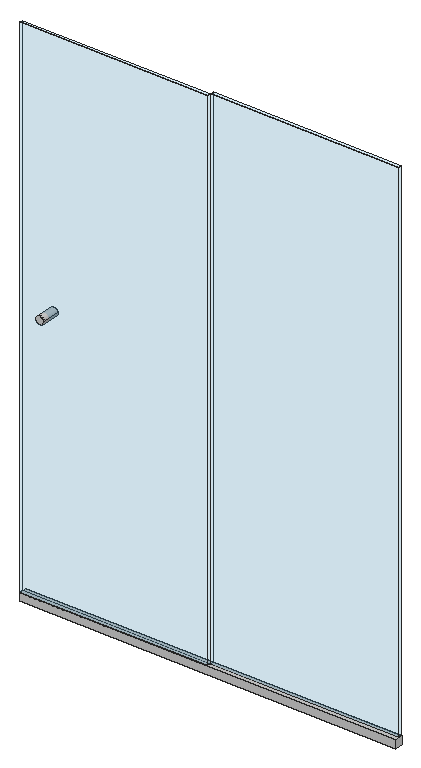
Revit family "Box de vidro Básico", category Furniture, Revit 2016
Family settings
  OmniClass Number = 23.40.20.00
  OmniClass Title = General Furniture and Specialties
  Work Plane-Based = No
  Always vertical = Yes
  Cut with Voids When Loaded = No
  Shared = No
  Room Calculation Point = No
Parameters
  Vidro = Vidro
  Largura [instance] = 150 cm
  Estrutura = Aluminio
  Espessura [instance] = 3 cm
  Altura [instance] = 210 cm
Reference planes (cm)
  plane 1 "Centro (Frente/Trás)": y = 0
  plane 2: z = 0
  plane 3 "Centro (Esquerda/Direita)": x = 0
  plane 4: x = -75
  plane 5: x = 75
  plane 6: y = -1.5
  plane 7: y = 1.5
  plane 8: z = 210
  plane 9: z = 3
  plane 10: z = 207
Forms (cm)
  Extrusion 1, solid, material "Aluminio" <- "Estrutura"
    sketch origin (0, 0, 0) x (1, 0, 0) y (0, 1, 0)
      loop
        line (-75, 1.5) -> (-75, -1.5) -> (75, -1.5) -> (75, 1.5) -> (-75, 1.5)
    from 0 to 3
  Extrusion 2, solid, material "Aluminio" <- "Estrutura", not visible
    sketch origin (0, 0, 80) x (1, 0, 0) y (0, 1, 0)
      loop
        line (-75, 1.5) -> (-75, -1.5) -> (75, -1.5) -> (75, 1.5) -> (-75, 1.5)
    from 127 to 130
  Extrusion 3, solid, material "Vidro" <- "Vidro"
    sketch origin (0, 0, 0) x (1, 0, 0) y (0, 1, 0)
      loop
        line (0, 1.5) -> (0, 0) -> (75, 0) -> (75, 1.5) -> (0, 1.5)
    from 3 to 207
  Extrusion 4, solid, material "Vidro" <- "Vidro"
    sketch origin (0, 0, 0) x (1, 0, 0) y (0, 1, 0)
      loop
        line (-75, 0) -> (-75, -1.5) -> (0, -1.5) -> (0, 0) -> (-75, 0)
    from 3 to 207
  Extrusion 5, solid, material "Aluminio" <- "Estrutura"
    sketch origin (0, 0, 0) x (1, 0, 0) y (0, 0, 1)
      loop
        circle (-65, 105) r 1.5
    from -3 to 4
Lines and regions (cm)
  symbolic lines
    curve 1: line (-35.667, 4.2751, 0) -> (-15.667, 4.2751, 0)
    curve 2: line (-15.667, 4.2751, 0) -> (-19.9096, 8.5178, 0)
Dimensions and locks (cm)
  "Largura": plane 4 to plane 5
  equal spacing: plane 4, plane 3 "Centro (Esquerda/Direita)", plane 5
  "Espessura": plane 7 to plane 6
  equal spacing: plane 7, plane 1 "Centro (Frente/Trás)", plane 6
  "Altura": plane 8 to level
  "Espessura": plane 8 to plane 10
  "Espessura": plane 9 to level
  aligned and locked: level to plane 2
  aligned and locked: plane 5 to Extrusion 1 sketch curve
  aligned and locked: Extrusion 1 sketch curve to plane 4
  aligned and locked: plane 6 to Extrusion 1 sketch curve
  aligned and locked: Extrusion 1 sketch curve to plane 7
  aligned and locked: plane 9 to Extrusion 1
  aligned and locked: Extrusion 1 to level
  aligned and locked: plane 8 to Extrusion 2
  aligned and locked: Extrusion 2 to plane 10
  aligned and locked: Extrusion 2 to plane 5
  aligned and locked: plane 4 to Extrusion 2
  aligned and locked: Extrusion 2 sketch curve to plane 7
  aligned and locked: plane 6 to Extrusion 2 sketch curve
  aligned and locked: plane 5 to Extrusion 2 sketch curve
  aligned and locked: Extrusion 2 sketch curve to plane 4
  aligned and locked: plane 5 to Extrusion 3 sketch curve
  aligned and locked: plane 3 "Centro (Esquerda/Direita)" to Extrusion 3 sketch curve
  aligned and locked: Extrusion 3 sketch curve to plane 1 "Centro (Frente/Trás)"
  aligned and locked: Extrusion 3 sketch curve to Extrusion 2
  aligned and locked: Extrusion 4 sketch curve to Extrusion 2
  aligned and locked: Extrusion 4 sketch curve to plane 3 "Centro (Esquerda/Direita)"
  aligned and locked: Extrusion 4 sketch curve to plane 4
  aligned and locked: Extrusion 3 to Extrusion 2
  aligned and locked: Extrusion 4 to Extrusion 2
  aligned and locked: Extrusion 4 to Extrusion 1
  aligned and locked: Extrusion 3 to Extrusion 1
  aligned and locked: plane 1 "Centro (Frente/Trás)" to Extrusion 4 sketch curve
Automatic sketch dimensions
  plane 7 to curve 2 = 2.7751 cm
  curve 2 to plane 3 "Centro (Esquerda/Direita)" = 15.667 cm
  plane 7 to curve 2 = 7.0178 cm
  curve 2 to curve 1 = 4.2426 cm
  curve 1 to curve 2 = 15.7574 cm
  Extrusion 5 sketch curve to plane 4 = 10 cm
  plane 9 to Extrusion 5 sketch curve = 102 cm
  radius of Extrusion 5 sketch curve = 1.5 cm
